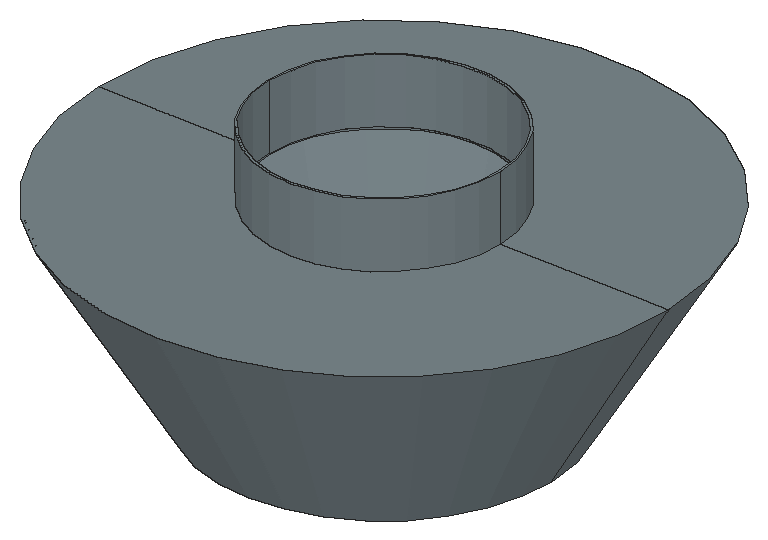
Revit family "Diffuser_C-Series_Angled-Round", category Air Terminals, Revit 2016
Family settings
  Part Type = Normal
  Round Connector Dimension = Use Diameter
  OmniClass Number = 23.75.70.21.27.11
  OmniClass Title = Diffusers, Registers, and Grilles
  Work Plane-Based = No
  Always vertical = No
  Cut with Voids When Loaded = No
  Shared = No
  Room Calculation Point = No
Parameters (values of type "5 Ton")
  URL = "https://www.ductsox.com/media-download/C-Series_Diffuser_Product_Data_Sheet"
  TopRad = Top Diameter / 2  # 1' - 10"
  Top Diameter = 3' - 8"
  Thickness = 0' - 0 1/8"
  Model = "C-Series Diffuser - 5 Ton"
  Max Flow = 2000 CFM
  Manufacturer = "DuctSox"
  Keynote = "23 37 00"
  ID = Inlet Size - Thickness * 2  # 1' - 5 3/4"
  Diffuser Material = Polyester Fabric
  Inlet Size = 1' - 6"
  Diffuser Height = 1' - 3"
  Description = "Fabric Duct Diffuser - 5 Ton"
  Bottom Diameter = 2' - 2"
  Assembly Code = "D3040100"
Types (6): name | TopRad | Top Diameter | Model | Max Flow | ID | Inlet Size | Description | Bottom Diameter
  30 Ton | 3' - 3" | 6' - 6" | "C-Series Diffuser - 30 Ton" | 12000 CFM | 3' - 5 3/4" | 3' - 6" | "Fabric Duct Diffuser - 30 Ton" | 5' - 0"
  25 Ton | 3' - 0" | 6' - 0" | "C-Series Diffuser - 25 Ton" | 10000 CFM | 3' - 1 3/4" | 3' - 2" | "Fabric Duct Diffuser - 25 Ton" | 4' - 6"
  20 Ton | 2' - 9" | 5' - 6" | "C-Series Diffuser - 20 Ton" | 8000 CFM | 2' - 9 3/4" | 2' - 10" | "Fabric Duct Diffuser - 20 Ton" | 4' - 0"
  15 Ton | 2' - 6" | 5' - 0" | "C-Series Diffuser - 15 Ton" | 6000 CFM | 2' - 5 3/4" | 2' - 6" | "Fabric Duct Diffuser - 15 Ton" | 3' - 6"
  10 Ton | 2' - 2" | 4' - 4" | "C-Series Diffuser - 10 Ton" | 4000 CFM | 1' - 11 3/4" | 2' - 0" | "Fabric Duct Diffuser - 10 Ton" | 2' - 10"
  5 Ton | 1' - 10" | 3' - 8" | "C-Series Diffuser - 5 Ton" | 2000 CFM | 1' - 5 3/4" | 1' - 6" | "Fabric Duct Diffuser - 5 Ton" | 2' - 2"
Reference planes (in)
  plane 1 "Center (Front/Back)": y = 0
  plane 2: z = 0
  plane 3 "Center (Left/Right)": x = 0
  plane 4 "Diffuser Top": z = -5
  plane 5: z = -20
  plane 6: x = -13
  plane 7: x = -22
  plane 8: x = 13
  plane 9: x = 22
  plane 10: x = -9
  plane 11: x = 9
  plane 12: z = -10
  plane 13: z = -15
  plane 14: y = 22
  plane 15: y = -22
  plane 16: y = 9
  plane 17: y = -9
Forms (in)
  Revolve 1, solid, material "Polyester Fabric" <- "Diffuser Material"
    sketch origin (0, 0, -1) x (1, 0, 0) y (0, 0, 1)
      loop
        line (0, -19) -> (0, -18.875) -> (-12.92923, -18.875) -> (-21.77923, -4.125) -> (0, -4.125) -> (0, -4) -> (-22, -4) -> (-13, -19) -> (0, -19)
      axis (0, -4) -> (0, -19)
    angle from 0 to 360
  Extrusion 2, solid, material "Polyester Fabric" <- "Diffuser Material"
    sketch origin (0, 0, -4) x (-1, 0, 0) y (0, -1, 0)
      loop
        circle (0, 0) r 9
    from -1 to 4
  Extrusion 3, void
    sketch origin (0, 0, -5) x (-1, 0, 0) y (0, -1, 0)
      loop
        circle (0, 0) r 8.875
    from -5 to 5
Cuts and joins
  Extrusion 3 cuts Revolve 1
  Extrusion 3 cuts Extrusion 2
Dimensions and locks (in)
  equal spacing: plane 8, plane 3 "Center (Left/Right)", plane 6
  equal spacing: plane 9, plane 3 "Center (Left/Right)", plane 7
  "Diffuser Height": plane 4 "Diffuser Top" to plane 5
  "Top Diameter": plane 9 to plane 7
  "Bottom Diameter": plane 8 to plane 6
  "Thickness": Revolve 1 sketch curve to plane 5
  "Thickness": plane 4 "Diffuser Top" to Revolve 1 sketch curve
  equal spacing: plane 11, plane 3 "Center (Left/Right)", plane 10
  "Inlet Size": plane 11 to plane 10
  equal spacing: plane 4 "Diffuser Top", plane 12, plane 13, plane 5
  equal spacing: plane 15, plane 1 "Center (Front/Back)", plane 14
  "Top Diameter": plane 15 to plane 14
  "Thickness": Revolve 1 sketch curve to Revolve 1 sketch curve
  equal spacing: plane 16, plane 1 "Center (Front/Back)", plane 17
  "Inlet Size": plane 16 to plane 17
  locked: level to plane 4 "Diffuser Top" at 5
  "ID": diameter of Extrusion 3 sketch curve
  "Inlet Size": diameter of Extrusion 2 sketch curve
  aligned and locked: level to plane 2
  aligned and locked: plane 3 "Center (Left/Right)" to Revolve 1 sketch curve
  aligned and locked: Revolve 1 sketch curve to plane 3 "Center (Left/Right)"  (x2)
  aligned and locked: Revolve 1 sketch curve to plane 4 "Diffuser Top"
  aligned and locked: plane 5 to Revolve 1 sketch curve
  aligned and locked: plane 7 to Revolve 1 sketch curve
  aligned and locked: Extrusion 2 to plane 4 "Diffuser Top"
  aligned and locked: level to Extrusion 2
  aligned and locked: Extrusion 3 to plane 12
  aligned and locked: level to Extrusion 3
  aligned and locked: plane 1 "Center (Front/Back)" to Extrusion 3 sketch curve
  aligned and locked: plane 3 "Center (Left/Right)" to Extrusion 3 sketch curve
  aligned and locked: plane 1 "Center (Front/Back)" to Extrusion 2 sketch curve
  aligned and locked: plane 3 "Center (Left/Right)" to Extrusion 2 sketch curve
Automatic sketch dimensions
  Revolve 1 sketch curve to plane 6 = 0' - 0"
  Revolve 1 sketch curve to plane 5 = 0' - 5"
  level to Revolve 1 sketch curve = 7' - 6.20035"
Connectors (in)
  hvac at (0, 0, -5), driven by "Inlet Size", driven by "Inlet Size", driven by "Max Flow", driven by "Inlet Size"
    settings: on Extrusion 2, index 1, duct flow 2000 CFM, flow factor 0, pres drop 0.00 in-wg, loss coef 0, conn angle 0.00°, conn width 18", conn height 18", conn diameter 18", duct sys type 1, conn prof type 0, flow config 0, flow direction 2, loss method 0, conn ref index -1, conn util no, is conn primary yes, conn desc ""
